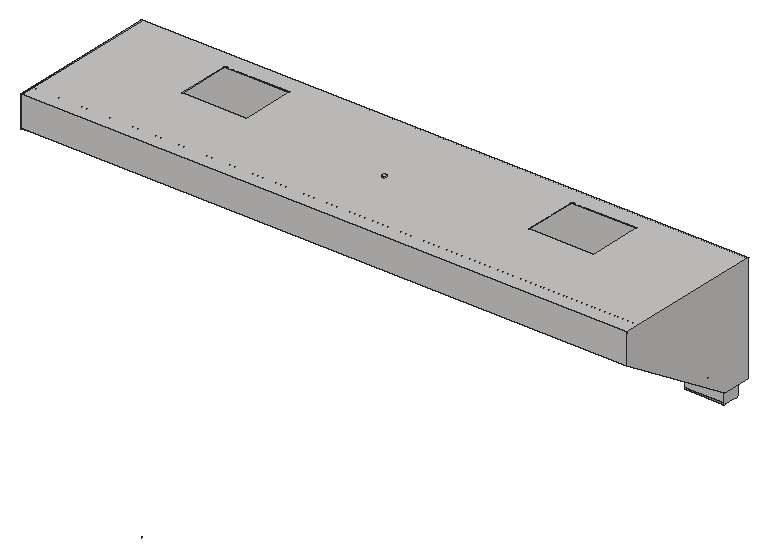
Revit family "QF_ELECTROLUXPROFESSIONAL_644182_AMPV728BT", category Attrezzature speciali, Revit 2021
Family settings
  Quota connettore circolare = Usa diametro
  Tipo di parte = Normale
  Basato su piano di lavoro = No
  Sempre verticale = Sì
  Taglio con vuoti quando caricato = No
  Condiviso = No
  Punto di calcolo locali = No
Parameters (values of type "Standard")
  Weight = 87.00 kg
  Watts = 840 W
  Volts = 220 V
  URL Manufacturer = "https://www.electroluxprofessional.com/"
  URL = "https://www.electroluxprofessional.com/"
  Steam Supply Size = 0 mm
  Steam Supply Minimum Pressure = 0.0 Pa
  Steam Supply Maximum Pressure = 0.0 Pa
  Steam Consumption per Hour = 0
  Refrigeration Suction Line Size = 0 mm
  Refrigeration Liquid Line Size = 0 mm
  Refrigerant Compressor Remote = yes
  Prospetto di default = 0 mm
  Produttore = "Electrolux Professional"
  Phase = 1
  Modello = "AMPV728BT"
  Length Actual = 2800 mm  # constant formula
  Item Number = "644182"
  Hot Water Size = 0 mm
  Height Actual = 500 mm  # constant formula
  HP = "1.1 HP"
  Gas Size = 0 mm
  Gas KW = 0
  Gas Input Pressure = 0 W
  Direct Waste Size = 0 mm
  Descrizione = "430 S/S WALL HOOD+FILTERS+FAN 2800X700MM"
  Depth Actual = 700 mm  # constant formula
  Cycle = 50 Hz
  Condensate Return Size = 0 mm
  Compressed Air Volume = 0.0 L/s
  Compressed Air Size = 0 mm
  Compressed Air Pressure = 0.0 Pa
  Cold Water Size = 0 mm
  Accessory = yes
Reference planes
  plane 1: z = 0
  plane 2 "Center (Left/Right)": x = 150
  plane 3 "LEFT": x = -1250
  plane 4 "RIGHT": x = 1550
  plane 5 "BACK": y = 550
  plane 6 "Plane": z = 2000
  plane 7 "TOP": z = 2140
  plane 8 "Base": z = 1640
  plane 9: z = 1566
  plane 10 "DrainY": y = 485
  plane 11: x = -1247
  plane 12: through (0, 414.509, 1640.8) normal (0, 0.7314, 0.682)
  plane 13: y = 470
  plane 14: y = 220
  plane 15 "DrainX": x = 1430
  plane 16: x = -500
  plane 17: x = 800
  plane 18: x = -800
  plane 19: x = 1100
  plane 20: x = 1547
  plane 21: x = 1340
  plane 22: x = 1520
  plane 23: x = -1210
  plane 24: x = -845
  plane 25: x = -450
  plane 26: x = 1510
  plane 27: x = 1145
  plane 28: x = 750
  plane 29 "Center (Front/Back)": y = 200
  plane 30 "Front": y = -150
Forms (mm)
  Extrusion 1, solid, material "QF_Finishes_Stainless Steel"
    sketch origin (-1250, 0, 0) x (0, 1, 0) y (0, 0, 1)
      loop
        line (550, 1640) -> (550, 2140) -> (-150, 2140) -> (-150, 1998.603) -> (413.973, 1640) -> (550, 1640)
    from 0 to 3
  Extrusion 2, solid, material "QF_Finishes_Stainless Steel"
    sketch origin (150, 0, 0) x (0, 1, 0) y (0, 0, 1)
      loop
        line (415.255, 1640) -> (550, 1640) -> (550, 2139.19) -> (549.2, 2139.19) -> (549.2, 1640.8) -> (415.876, 1640.8) -> (339.347, 1722.867) -> (349.609, 1732.436) -> (348.927, 1733.167) -> (337.934, 1722.917) -> (415.255, 1640)
      loop
        line (-82.203, 2139.19) -> (-82.203, 2118.6) -> (-31.047, 2118.6) -> (34.354, 2048.466) -> (46.028, 2059.352) -> (45.346, 2060.083) -> (34.403, 2049.879) -> (-30.612, 2119.6) -> (-81.203, 2119.6) -> (-81.203, 2139.19) -> (-82.203, 2139.19)
    from -1397 to 1397
  Extrusion 3, solid, material "QF_Finishes_Stainless Steel"
    sketch origin (1550, 0, 0) x (0, 1, 0) y (0, 0, 1)
      loop
        line (550, 1640) -> (550, 2140) -> (-150, 2140) -> (-150, 1998.603) -> (413.973, 1640) -> (550, 1640)
    from 0 to -3
  Extrusion 4, solid, material "QF_Finishes_Stainless Steel"
    sketch origin (150, 0, 0) x (0, 1, 0) y (0, 0, 1)
      loop
        line (-150, 2140) -> (-150, 2000) -> (-149.2, 2000) -> (-149.2, 2139.19) -> (550, 2139.19) -> (550, 2140) -> (-150, 2140)
    from -1400 to 1400
  Extrusion 5, solid, material "QF_Finishes_Stainless Steel"
    sketch origin (150, 0, 0) x (0, 1, 0) y (0, 0, 1)
      loop
        line (534, 1640) -> (436, 1640) -> (436, 1627) -> (443.5, 1627) -> (443.5, 1576)
        arc (443.5, 1576) -> (446.429, 1568.929) -> (453.5, 1566) r 10
        line (453.5, 1566) -> (516.5, 1566)
        arc (516.5, 1566) -> (523.571, 1568.929) -> (526.5, 1576) r 10
        line (526.5, 1576) -> (526.5, 1627) -> (534, 1627) -> (534, 1640)
    from 1190 to 1370
  Extrusion 6, solid, material "QF_Finishes_Stainless Steel"
    sketch origin (0, 0, 1640) x (0, 1, 0) y (-1, 0, 0)
      loop
        circle (485, -1430) r 20
    from -76 to -74
  Extrusion 7, solid, material "QF_Finished_Chrome"
    sketch origin (150, 0, 0) x (0, 1, 0) y (0, 0, 1)
      loop
        line (337.934, 1722.917) -> (341.591, 1726.327) -> (38.011, 2051.876) -> (34.354, 2048.466) -> (337.934, 1722.917)
    from -995 to -1360
  Extrusion 8, solid, material "QF_Finished_Chrome"
    sketch origin (150, 0, 0) x (0, 1, 0) y (0, 0, 1)
      loop
        line (337.934, 1722.917) -> (341.591, 1726.327) -> (38.011, 2051.876) -> (34.354, 2048.466) -> (337.934, 1722.917)
    from 600 to -600
  Extrusion 9, solid, material "QF_Finishes_Stainless Steel"
    sketch origin (150, 0, 0) x (0, 1, 0) y (0, 0, 1)
      loop
        line (337.934, 1722.917) -> (341.591, 1726.327) -> (38.011, 2051.876) -> (34.354, 2048.466) -> (337.934, 1722.917)
    from 1397 to 1360
  Extrusion 10, solid, material "QF_Finishes_Stainless Steel"
    sketch origin (150, 0, 0) x (0, 1, 0) y (0, 0, 1)
      loop
        line (341.588, 1726.324) -> (38.009, 2051.874) -> (34.354, 2048.466) -> (337.934, 1722.917) -> (341.588, 1726.324)
    from -995 to -600
  Extrusion 11, solid, material "QF_Finished_Chrome"
    sketch origin (150, 0, 0) x (0, 1, 0) y (0, 0, 1)
      loop
        line (341.588, 1726.324) -> (38.009, 2051.874) -> (34.354, 2048.466) -> (337.934, 1722.917) -> (341.588, 1726.324)
    from 995 to 1360
  Extrusion 12, void
    sketch origin (0, 0, 2140) x (0, 1, 0) y (-1, 0, 0)
      loop
        line (470, 800) -> (220, 800) -> (220, 500) -> (470, 500) -> (470, 800)
    from 0 to -10
  Extrusion 13, void
    sketch origin (940, 0, 2140) x (0, 1, 0) y (-1, 0, 0)
      loop
        line (470, 140) -> (220, 140) -> (220, -160) -> (470, -160) -> (470, 140)
    from 0 to -10
  Extrusion 14, solid, material "QF_Finishes_Stainless Steel"
    sketch origin (0, 0, 0) x (1, 0, 0) y (0, 1, 0)
      loop
        line (-1250, 550) -> (-1250, 549) -> (-1249, 549) -> (-1249, 550) -> (-1250, 550)
    from 0 to 1
  Extrusion 15, solid, material "QF_Finishes_Stainless Steel"
    sketch origin (150, 0, 0) x (0, 1, 0) y (0, 0, 1)
      loop
        line (337.934, 1722.917) -> (341.591, 1726.327) -> (38.011, 2051.876) -> (34.354, 2048.466) -> (337.934, 1722.917)
    from -1360 to -1397
  Extrusion 16, solid, material "QF_Finishes_Stainless Steel"
    sketch origin (150, 0, 0) x (0, 1, 0) y (0, 0, -1)
      loop
        line (341.588, -1726.324) -> (337.934, -1722.917) -> (34.354, -2048.466) -> (38.009, -2051.874) -> (341.588, -1726.324)
    from -995 to -600
  Extrusion 17, solid, material "QF_Finishes_Stainless Steel"
    sketch origin (0, 0, 2140) x (0, 1, 0) y (-1, 0, 0)
      loop
        circle (200, -150) r 10
    from 0 to 2
Cuts and joins
  Extrusion 12, Extrusion 13 cuts Extrusion 4
  joined: Extrusion 2, Extrusion 4
Lines and regions (mm)
  reference lines
    curve 1: line (150, 34.354, 2048.466) -> (150, 34.354, 1888.466)
  symbolic lines, style "SpecialityEquipment", detail levels coarse
    curve 2: line (1550, 550, 2140) -> (-1250, 550, 2140)
    curve 3: line (-1250, 550, 2140) -> (-1250, -150, 2140)
    curve 4: line (1550, -150, 2140) -> (1550, 550, 2140)
    curve 5: line (-1250, -150, 2140) -> (1550, -150, 2140)
    curve 6: line (-800, 220, 2140) -> (-500, 220, 2140)
    curve 7: line (-800, 470, 2140) -> (-800, 220, 2140)
    curve 8: line (-500, 470, 2140) -> (-800, 470, 2140)
    curve 9: line (-500, 220, 2140) -> (-500, 470, 2140)
    curve 10: line (800, 470, 2140) -> (800, 220, 2140)
    curve 11: line (800, 220, 2140) -> (1100, 220, 2140)
    curve 12: line (1100, 470, 2140) -> (800, 470, 2140)
    curve 13: line (1100, 220, 2140) -> (1100, 470, 2140)
    curve 14: line (-1250, -150, 2140) -> (1550, 550, 2140)
    curve 15: line (-1250, 550, 2140) -> (1550, -150, 2140)
Dimensions and locks
  plane 3 "LEFT" to plane 4 "RIGHT" = 2800 mm
  equal spacing: plane 3 "LEFT", plane 2 "Center (Left/Right)", plane 4 "RIGHT"
  locked: plane 6 "Plane" to level at 2000
  plane 7 "TOP" to plane 6 "Plane" = 140 mm
  locked: plane 7 "TOP" to plane 8 "Base" at 500
  plane 8 "Base" to plane 9 = 74 mm
  plane 5 "BACK" to plane 10 "DrainY" = 65 mm  (x2)
  plane 3 "LEFT" to plane 11 = 3 mm
  plane 5 "BACK" to plane 13 = 80 mm
  plane 13 to plane 14 = 250 mm  (x2)
  plane 15 "DrainX" to plane 4 "RIGHT" = 120 mm
  locked: plane 16 to plane 17 at 1300
  equal spacing: plane 16, plane 2 "Center (Left/Right)", plane 17
  locked: plane 18 to plane 16 at 300
  locked: plane 17 to plane 19 at 300
  plane 20 to plane 4 "RIGHT" = 3 mm
  locked: plane 21 to plane 15 "DrainX" at 90
  locked: plane 15 "DrainX" to plane 22 at 90
  plane 13 to plane 5 "BACK" = 80 mm
  locked: plane 3 "LEFT" to plane 23 at 40
  locked: plane 23 to plane 24 at 365
  locked: plane 24 to plane 25 at 395
  locked: plane 26 to plane 27 at 365
  locked: plane 27 to plane 28 at 395
  locked: plane 26 to plane 4 "RIGHT" at 40
  plane 25 to plane 28 = 1200 mm
  locked: plane 5 "BACK" to plane 30 "Front" at 700
  equal spacing: plane 5 "BACK", plane 29 "Center (Front/Back)", plane 30 "Front"
  plane 5 "BACK" to plane 30 "Front" = 700 mm
  aligned and locked: level to plane 1
  aligned and locked: Extrusion 2 to Extrusion 1
  aligned and locked: Extrusion 2 to Extrusion 3
  aligned and locked: plane 4 "RIGHT" to Extrusion 4
  aligned and locked: Extrusion 4 to plane 3 "LEFT"
  aligned and locked: plane 20 to Extrusion 9
  aligned and locked: plane 18 to Extrusion 12
  aligned and locked: Extrusion 12 to plane 16
  aligned and locked: Extrusion 12 to plane 14
  aligned and locked: Extrusion 12 to plane 13
  aligned and locked: Extrusion 13 to plane 19
  aligned and locked: plane 17 to Extrusion 13
  aligned and locked: Extrusion 2 to Extrusion 4
  aligned and locked: plane 22 to Extrusion 5
  aligned and locked: Extrusion 5 to plane 21
  aligned and locked: Extrusion 9 to plane 26
  aligned and locked: Extrusion 11 to plane 26
  aligned and locked: Extrusion 11 to plane 27
  aligned and locked: Extrusion 8 to plane 28
  aligned and locked: Extrusion 8 to plane 25
  aligned and locked: plane 25 to Extrusion 10
  aligned and locked: Extrusion 10 to plane 24
  aligned and locked: plane 24 to Extrusion 7
  aligned and locked: Extrusion 7 to plane 23
  aligned and locked: Extrusion 15 to plane 11
  aligned and locked: plane 23 to Extrusion 15
  aligned and locked: Extrusion 16 to plane 28
  aligned and locked: Extrusion 16 to plane 27
  aligned and locked: Extrusion 3 to plane 20
Automatic sketch dimensions
  Extrusion 2 sketch curve to plane 12 = 0 mm  (x3)
  Extrusion 2 sketch curve to plane 8 "Base" = 0 mm
  plane 12 to Extrusion 2 sketch curve = 0 mm
  Extrusion 2 sketch curve to plane 5 "BACK" = 0 mm
  Extrusion 2 sketch curve to Extrusion 2 sketch curve = 65.646 mm
  Extrusion 2 sketch curve to Extrusion 2 sketch curve = 0.682 mm  (x2)
  Extrusion 2 sketch curve to Extrusion 2 sketch curve = 10.261 mm
  plane 8 "Base" to Extrusion 2 sketch curve = 82.917 mm
  Extrusion 2 sketch curve to Extrusion 2 sketch curve = 10.942 mm
  Extrusion 2 sketch curve to Extrusion 2 sketch curve = 0.049 mm
  Extrusion 2 sketch curve to plane 7 "TOP" = 20.4 mm
  Extrusion 2 sketch curve to plane 7 "TOP" = 21.4 mm
  Extrusion 2 sketch curve to plane 7 "TOP" = 0.81 mm  (x2)
  Extrusion 2 sketch curve to Extrusion 2 sketch curve = 50.156 mm
  Extrusion 2 sketch curve to Extrusion 2 sketch curve = 1 mm
  plane 8 "Base" to Extrusion 2 sketch curve = 0.8 mm
  Extrusion 2 sketch curve to plane 5 "BACK" = 0.8 mm
  Extrusion 3 sketch curve to plane 8 "Base" = 0 mm
  Extrusion 3 sketch curve to plane 5 "BACK" = 0 mm
  Extrusion 3 sketch curve to plane 7 "TOP" = 0 mm
  plane 13 to Extrusion 3 sketch curve = 56.027 mm
  Extrusion 3 sketch curve to plane 6 "Plane" = 1.397 mm
  Extrusion 4 sketch curve to plane 6 "Plane" = 0 mm
  Extrusion 4 sketch curve to plane 5 "BACK" = 0 mm
  Extrusion 4 sketch curve to plane 7 "TOP" = 0 mm
  Extrusion 4 sketch curve to plane 7 "TOP" = 0.81 mm
  curve 1 to plane 12 = 0 mm
  curve 1 to plane 6 "Plane" = 111.534 mm
  Extrusion 5 sketch curve to plane 8 "Base" = 0 mm
  Extrusion 5 sketch curve to plane 9 = 0 mm
  Extrusion 5 sketch curve to plane 8 "Base" = 13 mm  (x2)
  plane 13 to Extrusion 5 sketch curve = 34 mm
  Extrusion 5 sketch curve to Extrusion 5 sketch curve = 7.5 mm  (x2)
  Extrusion 5 sketch curve to Extrusion 5 sketch curve = 10 mm
  plane 10 "DrainY" to Extrusion 5 sketch curve = 31.5 mm
  Extrusion 5 sketch curve to plane 5 "BACK" = 23.5 mm
  Extrusion 6 sketch curve to plane 10 "DrainY" = 0 mm
  Extrusion 6 sketch curve to plane 15 "DrainX" = 0 mm
  Extrusion 7 sketch curve to plane 12 = 0 mm  (x2)
  Extrusion 7 sketch curve to Extrusion 7 sketch curve = 3.657 mm
  plane 8 "Base" to Extrusion 7 sketch curve = 82.917 mm
  Extrusion 8 sketch curve to plane 12 = 0 mm  (x2)
  Extrusion 8 sketch curve to Extrusion 8 sketch curve = 3.657 mm
  plane 8 "Base" to Extrusion 8 sketch curve = 82.917 mm
  Extrusion 9 sketch curve to plane 12 = 0 mm  (x2)
  Extrusion 9 sketch curve to Extrusion 9 sketch curve = 3.657 mm
  plane 8 "Base" to Extrusion 9 sketch curve = 82.917 mm
  Extrusion 10 sketch curve to plane 12 = 0 mm  (x2)
  Extrusion 10 sketch curve to Extrusion 10 sketch curve = 3.655 mm
  plane 8 "Base" to Extrusion 10 sketch curve = 82.917 mm
  Extrusion 11 sketch curve to plane 12 = 0 mm  (x2)
  Extrusion 11 sketch curve to Extrusion 11 sketch curve = 3.655 mm
  plane 8 "Base" to Extrusion 11 sketch curve = 82.917 mm
  Extrusion 12 sketch curve to plane 14 = 0 mm
  plane 13 to Extrusion 12 sketch curve = 0 mm
  Extrusion 12 sketch curve to plane 16 = 0 mm
  Extrusion 12 sketch curve to plane 18 = 0 mm
  Extrusion 13 sketch curve to plane 14 = 0 mm
  plane 13 to Extrusion 13 sketch curve = 0 mm
  Extrusion 13 sketch curve to plane 19 = 0 mm
  Extrusion 13 sketch curve to plane 17 = 0 mm
  Extrusion 14 sketch curve to plane 3 "LEFT" = 0 mm
  Extrusion 14 sketch curve to plane 5 "BACK" = 0 mm
  plane 3 "LEFT" to Extrusion 14 sketch curve = 1 mm
  Extrusion 14 sketch curve to plane 5 "BACK" = 1 mm
  Extrusion 15 sketch curve to plane 12 = 0 mm  (x2)
  Extrusion 15 sketch curve to Extrusion 15 sketch curve = 3.657 mm
  plane 8 "Base" to Extrusion 15 sketch curve = 82.917 mm
  Extrusion 16 sketch curve to plane 12 = 0 mm  (x2)
  Extrusion 16 sketch curve to Extrusion 16 sketch curve = 3.655 mm
  plane 8 "Base" to Extrusion 16 sketch curve = 82.917 mm
  plane 6 "Plane" to Extrusion 2 sketch curve = 48.466 mm
  curve 1 to plane 14 = 185.646 mm
  plane 6 "Plane" to Extrusion 7 sketch curve = 51.876 mm
  plane 6 "Plane" to Extrusion 8 sketch curve = 51.876 mm
  plane 6 "Plane" to Extrusion 9 sketch curve = 51.876 mm
  plane 6 "Plane" to Extrusion 10 sketch curve = 51.874 mm
  plane 6 "Plane" to Extrusion 11 sketch curve = 51.874 mm
  plane 6 "Plane" to Extrusion 15 sketch curve = 51.876 mm
  plane 6 "Plane" to Extrusion 16 sketch curve = 51.874 mm
  Extrusion 3 sketch curve to plane 14 = 370 mm
  Extrusion 4 sketch curve to plane 14 = 369.2 mm
  Extrusion 4 sketch curve to Extrusion 4 sketch curve = 0.8 mm
  Extrusion 1 sketch curve to plane 7 "TOP" = 0 mm
  Extrusion 1 sketch curve to plane 8 "Base" = 0 mm
  Extrusion 1 sketch curve to plane 5 "BACK" = 0 mm
  Extrusion 1 sketch curve to plane 30 "Front" = 0 mm
  plane 13 to Extrusion 1 sketch curve = 56.027 mm
  Extrusion 1 sketch curve to plane 6 "Plane" = 1.397 mm
  Extrusion 17 sketch curve to plane 2 "Center (Left/Right)" = 0 mm
  Extrusion 17 sketch curve to plane 29 "Center (Front/Back)" = 0 mm
  curve 14 to plane 30 "Front" = 0 mm
  curve 15 to plane 4 "RIGHT" = 0 mm
  curve 11 to plane 14 = 0 mm
  curve 6 to plane 14 = 0 mm
  plane 13 to curve 8 = 0 mm
  plane 13 to curve 10 = 0 mm
  curve 15 to plane 3 "LEFT" = 0 mm
  curve 15 to plane 5 "BACK" = 0 mm
  curve 13 to plane 19 = 0 mm
  curve 10 to plane 17 = 0 mm
  curve 9 to plane 16 = 0 mm
  curve 8 to plane 18 = 0 mm
  radius of Extrusion 6 sketch curve = 20 mm
  radius of Extrusion 17 sketch curve = 10 mm
Connectors
  piping at (1430, 485, 1564), diameter 20
    settings: on Extrusion 6, index 1, connector inside diameter 609.6 mm, connector length 0 mm, flow factor 0, pipe flow 0.0 L/s, pressure drop 0.0 Pa, fitting loss kfactor 0, connector angle 0.00°, fixture units 0, engagement length 0 mm, angle of deflection 0.00°, flow configuration 1, flow direction 2, fitting loss method 0, system type 16, joint type 0, gender type 0, connector reference index -1, connector utility 0, adjustable connector no, is connector primary yes, connector description "Drain"
  hvac at (-650, 345, 2140)
    settings: on Extrusion 12, index 2, duct flow 0.0 L/s, flow factor 0, pres drop 0.0 Pa, loss coef 0, conn angle 0.00°, conn width 250 mm, conn height 300 mm, conn diameter 609.6 mm, duct sys type 3, conn prof type 1, flow config 1, flow direction 2, loss method 0, conn ref index -1, conn util no, is conn primary yes, conn desc "EXHAUST OUTLET"
  hvac at (950, 345, 2140)
    settings: on Extrusion 13, index 3, duct flow 0.0 L/s, flow factor 0, pres drop 0.0 Pa, loss coef 0, conn angle 0.00°, conn width 250 mm, conn height 300 mm, conn diameter 609.6 mm, duct sys type 3, conn prof type 1, flow config 1, flow direction 2, loss method 0, conn ref index -1, conn util no, is conn primary no, conn desc "EXHAUST OUTLET"
  electrical at (150, 200, 2142), driven by "Volts"
    settings: on Extrusion 17, index 4, voltage 220 V, apparent load 0 VA, apparent load phase1 0 VA, apparent load phase2 0 VA, apparent load phase3 0 VA, power factor 1, load classification "Other", number of poles 1, system type 30, power factor state 1, is connector primary yes, connector utility no, sub classification motor no, connector description "Electrical Connection"
